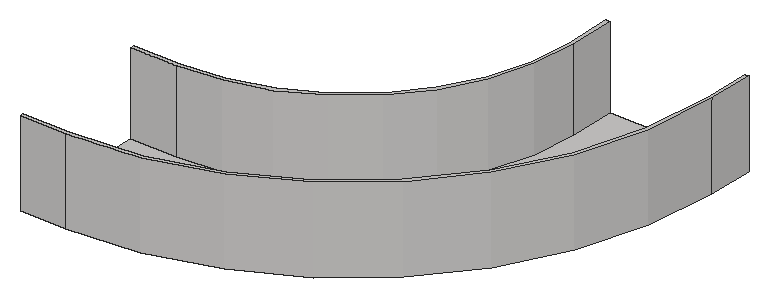
Revit family "Cable_Tray_Fitting-Solid_Tray-OBO_Bettermann-Channel_Horizontal_Bend-MKS", category Cable Tray Fittings, Revit 2012
Parameters (values of type "Hot Dipped Galvanised")
  URL = "http://www.obo-bettermann.com/"
  Type Comments = ""
  Tray Width [instance] = 100 mm
  Tray Height [instance] = 60 mm
  Tray Length [instance] = 31.75 mm
  built-in parameter 1140111 [instance] = 0.0084635 (stored number, unit not read)
  Product Page URL = "http://catalog2.obo-bettermann.com/catalogue/catalogue.do?favOid=kts_315277&act=showIO&lang=en&action=start&catId=KTS&forward=showSolutionView"
  Product Documentation Link = ""
  Pre Galvanized = no
  Model = "MKS"
  Manufacturer = "OBO Bettermann"
  Description = "Solid Cable tray"
  Connector Description 2 = "Connector for Cable Tray 2"  # constant formula
  Connector Description = "Connector for Cable Tray 1"  # constant formula
  Classification = "Refer to online Catalog for UL and cUL classifed sizes and wire sizes."
  Center to End [instance] = Bend Radius Label * tan(Angle / 2) + Tray Length  # 234.15 mm
  Cable Tray Material = Metal - OBO Bettermann - Hot-Dipped-Galvanised
  Bend Radius Label [instance] = if(Bend Radius_x > 3.175 mm, Bend Radius_x + Tray Width / 2, Tray Width / 2 + 3.175 mm)  # 202.4 mm
  Bend Radius_x [instance] = 152.4 mm
  Assembly Code = "D5030600"
  Angle [instance] = 90.00°
Types (2, lengths in mm): name | Cable Tray Material
  Hot Dipped Galvanised | Metal - OBO Bettermann - Hot-Dipped-Galvanised
  Stripped Galvanised | Metal - OBO Bettermann - Strip-Galvanised
Reference planes
  plane 1 "Center (Front/Back)": y = 0
  plane 2: z = 0
  plane 3 "Center (Left/Right)": x = 0
  plane 4: y = 202.4
  plane 5: x = -234.15
  plane 6: x = -202.4
Forms (mm)
  Sweep 1, solid, material "Metal - OBO Bettermann - Hot-Dipped-Galvanised" <- "Cable Tray Material", detail levels medium
    path in 3D
      loop
        line (-234.15, 0, 0) -> (-202.4, 0, 0)
        arc (-202.4, 0, 0) -> (-59.282, 59.282, 0) -> (0, 202.4, 0) r 202.4
        line (0, 202.4, 0) -> (0, 234.15, 0)
    profile "Cable Tray - Channel 2 : Channel" origin (-218.275, 0, 0) x (0, 1, 0) y (0, 0, 1)
      loop
        line (-50, 30) -> (-50, -30) -> (50, -30) -> (50, 30) -> (-50, 30)
  Sweep 2, solid, material "Metal - OBO Bettermann - Hot-Dipped-Galvanised" <- "Cable Tray Material", detail levels fine
    path in 3D
      loop
        line (-234.15, 0, 0) -> (-202.4, 0, 0)
        arc (-202.4, 0, 0) -> (-59.282, 59.282, 0) -> (0, 202.4, 0) r 202.4
        line (0, 202.4, 0) -> (0, 234.15, 0)
    profile "Cable Tray - Channel 1 : Channel" origin (-218.275, 0, 0) x (0, 1, 0) y (0, 0, 1)
      loop
        line (-50, 30) -> (-50, -30) -> (50, -30) -> (50, 30) -> (47.42, 30) -> (47.42, -27.42) -> (-47.42, -27.42) -> (-47.42, 30) -> (-50, 30)
Lines and regions (mm)
  model lines, style "Coarse View", detail levels coarse
    curve 1: arc (-202.4, 0, 0) -> (-59.282, 59.282, 0) -> (0, 202.4, 0) r 202.4
    curve 2: line (-234.15, 0, 0) -> (-202.4, 0, 0)
    curve 3: line (0, 202.4, 0) -> (0, 234.15, 0)
  sketch lines
    curve 4: line (-234.15, 0, 0) -> (-202.4, 0, 0)
    curve 5: arc (-202.4, 0, 0) -> (-59.282, 59.282, 0) -> (0, 202.4, 0) r 202.4
    curve 6: line (0, 202.4, 0) -> (0, 234.15, 0)
    curve 7: line (-234.15, 0, 0) -> (-202.4, 0, 0)
    curve 8: arc (-202.4, 0, 0) -> (-59.282, 59.282, 0) -> (0, 202.4, 0) r 202.4
    curve 9: line (0, 202.4, 0) -> (0, 234.15, 0)
Dimensions and locks
  "Bend Radius Label": plane 4 to plane 1 "Center (Front/Back)"
  "Center to End": plane 5 to plane 3 "Center (Left/Right)"
  "Tray Length": plane 5 to plane 6
  "Tray Length": curve 3 to curve 3
  "Bend Radius Label": radius of curve 1
  "Angle": angle curve 1 to curve 1
  "Angle": angle plane 1 "Center (Front/Back)" to curve 3
  aligned and locked: plane 6 to curve 1
  aligned and locked: plane 4 to curve 1
  aligned and locked: plane 5 to curve 2
  aligned and locked: plane 6 to curve 2
  aligned and locked: plane 1 "Center (Front/Back)" to curve 2
Connectors
  cabletrayconduit at (-234.15, 0, 0), driven by "Tray Height", driven by "Tray Width", driven by "Angle", driven by "Connector Description"
    settings: on Sweep 1, index 1, connector width 100 mm, connector height 60 mm, connector radius 304.8 mm, connector angle 90.00°, system type 32, placement type 0, profile type 1, connector reference index 2, is primary connector yes, connector utility param no, connector description "Connector for Cable Tray 1"
  cabletrayconduit at (0, 234.15, 0), driven by "Tray Height", driven by "Tray Width", driven by "Angle", driven by "Connector Description 2"
    settings: on Sweep 1, index 2, connector width 100 mm, connector height 60 mm, connector radius 304.8 mm, connector angle 90.00°, system type 32, placement type 0, profile type 1, connector reference index 1, is primary connector no, connector utility param no, connector description "Connector for Cable Tray 2"
